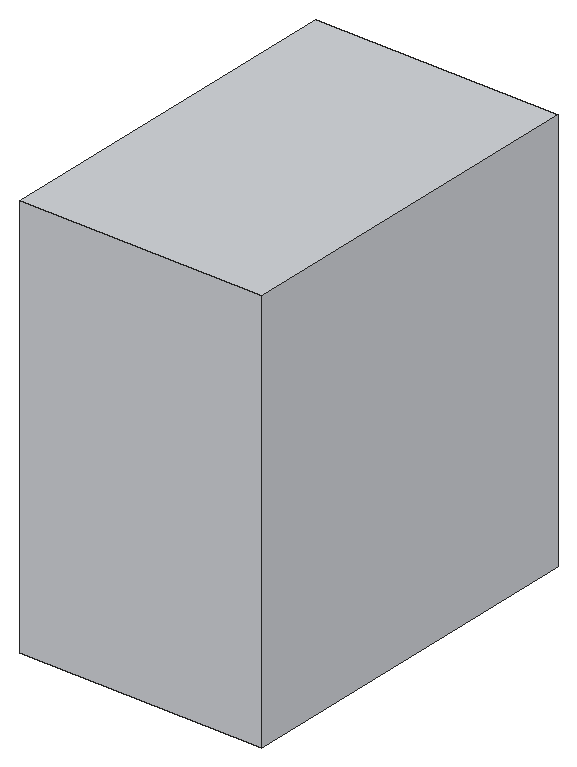
Revit family
Parameters
  Warranty Duration (Years) = 0
  Unit Width [instance] = 1' - 5 1/4"
  Unit Height [instance] = 4' - 8"
  Unit Depth = 0' - 0 1/4"
  URL = "http://www.americanspecialties.com/viewCategories.cfm"
  Trim Material = Metal - Stainless Steel
  Test Data = ""
  Specification = "http://www.arcat.com/sdspecs/htm/10810asi.htm"
  SpecWizard = ""
  Send Message = "http://www.arcat.com/users.pl?action=UserEmail&company=American%20Specialties,%20Inc.&coid=30448&rep=139&fax=914-476-0688&mf="
  Sales Information = "http://www.americanspecialties.com/contact"
  Revision = "R1_10-2010"
  Product Properties = "http://www.americanspecialties.com/datasheets/04692A-9.pdf"
  Product Data = "http://www.arcat.com/arcatcos/cos30/arc30448.html"
  Model = "As Specified in 10 28 13"
  Manufacturer Website = "http://www.americanspecialties.com/viewCategories.cfm"
  Manufacturer Phone - Toll Free = ""
  Manufacturer Phone = "914-476-9000 "
  Manufacturer Fax = "914-476-0688"
  Manufacturer Address = "441 Saw Mill River Rd., Yonkers, NY 10701"
  Manufacturer = "American Specialties, Inc."
  Maintenance Schedule (Months) = 0
  Keynote = "10 28 13"
  Installation-Fabrication = "http://www.americanspecialties.com/products.cfm"
  Green Building-LEED = ""
  Expected Lifespan (Years) = 0
  Drawn By = "Robert S. Weygant. CSI, CDT, SCIP"  # constant formula
  Description = "Toilet Accessory as Specified in 10 28 13"
  Default Elevation = 4' - 0"
  Copyright = "©Arcat Inc."
  Construction Details = "http://www.arcat.com/green/clients/leed_data_30448.html"
  Building Codes = "http://www.americanspecialties.com/products.cfm"
  Body Material = Metal - Stainless Steel
  Assembly Code = "C1030210"
Reference planes (in)
  plane 1 "Center (Front/Back)": y = -0.29112
  plane 2 "Floor Line": z = 0
  plane 3 "Center (Left/Right)": x = -0.65843
Forms (in)
  Extrusion 1, solid
    sketch origin (-3, -9, -6) x (0, 0, -1) y (1, 0, 0)
      loop
        line (-82, 26) -> (-82, -19.34712) -> (-6, -19.34712) -> (-6, 26) -> (-82, 26)
    from 28.29112 to -41.06337
  Extrusion 2, solid, material "Metal - Stainless Steel" <- "Body Material"
    sketch origin (0, 0, 10) x (1, 0, 0) y (0, 1, 0)
      loop
        line (-8.28343, 26.70888) -> (-8.28343, -27.29112) -> (6.96657, -27.29112) -> (6.96657, 26.70888) -> (-8.28343, 26.70888)
    from 0 to -10
  Extrusion 3, solid, material "Metal - Stainless Steel" <- "Body Material"
    sketch origin (0, 7, 10) x (1, 0, 0) y (0, 1, 0)
      loop
        line (-5.68968, 6.70888) -> (-5.68968, 4.20888) -> (4.37282, 4.20888) -> (4.37282, 6.70888) -> (-5.68968, 6.70888)
      loop
        line (-5.43968, 6.45888) -> (-5.43968, 4.70888) -> (4.12282, 4.70888) -> (4.12282, 6.45888) -> (-5.43968, 6.45888)
    from 0 to -10
  Extrusion 4, solid, material "Metal - Stainless Steel" <- "Body Material"
    sketch origin (0, 0, 10) x (1, 0, 0) y (0, 1, 0)
      loop
        line (-9.28343, 27.70888) -> (-9.28343, -28.29112) -> (7.96657, -28.29112) -> (7.96657, 27.70888) -> (-9.28343, 27.70888)
      loop
        line (-8.28343, 26.70888) -> (-8.28343, -27.29112) -> (6.96657, -27.29112) -> (6.96657, 26.70888) -> (-8.28343, 26.70888)
    from 0 to 0.25
  Extrusion 5, solid, material "Metal - Stainless Steel" <- "Body Material"
    sketch origin (0, 0, 10) x (1, 0, 0) y (0, 1, 0)
      loop
        line (-8.28343, 26.70888) -> (-8.28343, 13.70888) -> (6.96657, 13.70888) -> (6.96657, 26.70888) -> (-8.28343, 26.70888)
    from 0 to 0.25
  Extrusion 6, solid, material "Metal - Stainless Steel" <- "Body Material"
    sketch origin (0, 0, 10) x (1, 0, 0) y (0, 1, 0)
      loop
        line (6.96657, -4.29112) -> (-8.28343, -4.29112) -> (-8.28343, -27.29112) -> (6.96657, -27.29112) -> (6.96657, -4.29112)
    from -10 to 1.75
  Extrusion 7, void
    sketch origin (-0.65843, 0, 10) x (0, 1, 0) y (0, 0, 1)
      loop
        line (13.70888, -9.75) -> (13.70888, 1.75) -> (-4.29112, 1.75) -> (-4.29112, -9.75) -> (13.70888, -9.75)
    from -7.61046 to 7.59319
  Extrusion 8, solid, material "Metal - Stainless Steel" <- "Trim Material"
    sketch origin (0, 0.22512, 10) x (1, 0, 0) y (0, 1, 0)
      loop
        circle (-0.65843, -3.79339) r 0.5
      loop
        circle (-0.65843, -3.79339) r 0.41512
    from -9.75 to -10
  Extrusion 9, solid, material "Metal - Stainless Steel" <- "Body Material"
    sketch origin (0, 0, 4) x (1, 0, 0) y (0, 1, 0)
      loop
        line (7.96657, -28.29112) -> (7.96657, 27.70888) -> (-9.28343, 27.70888) -> (-9.28343, -28.29112) -> (7.96657, -28.29112)
      loop
        line (-8.28343, 26.70888) -> (-8.28343, -27.29112) -> (6.96657, -27.29112) -> (6.96657, 26.70888) -> (-8.28343, 26.70888)
    from -4 to 6
  Extrusion 10, void
    sketch origin (0, 0, 0) x (1, 0, 0) y (0, 1, 0)
      loop
        line (-8.26889, -4.29112) -> (-8.26889, -27.19575) -> (6.93476, -27.19575) -> (6.93476, -4.29112) -> (-8.26889, -4.29112)
    from 0.03827 to 11.71409
  Extrusion 11, solid, material "Metal - Stainless Steel" <- "Trim Material"
    sketch origin (-1.31687, 0, 9.3125) x (-1, 0, 0) y (0, -1, 0)
      loop
        circle (5.37282, -20.33388) r 0.5
      loop
        line (5.316, -19.91524) -> (5.316, -20.76475) -> (5.42963, -20.76475) -> (5.42963, -19.91524) -> (5.316, -19.91524)
    from 0.9375 to 1
Cuts and joins
  Extrusion 7, Extrusion 10 cuts Extrusion 2
  Extrusion 10 cuts Extrusion 9
  Extrusion 7, Extrusion 10 cuts Extrusion 6
  Extrusion 7 cuts Extrusion 8
Dimensions and locks (in)
  aligned and locked: Extrusion 1 to level
  aligned and locked: Extrusion 4 to Extrusion 5
